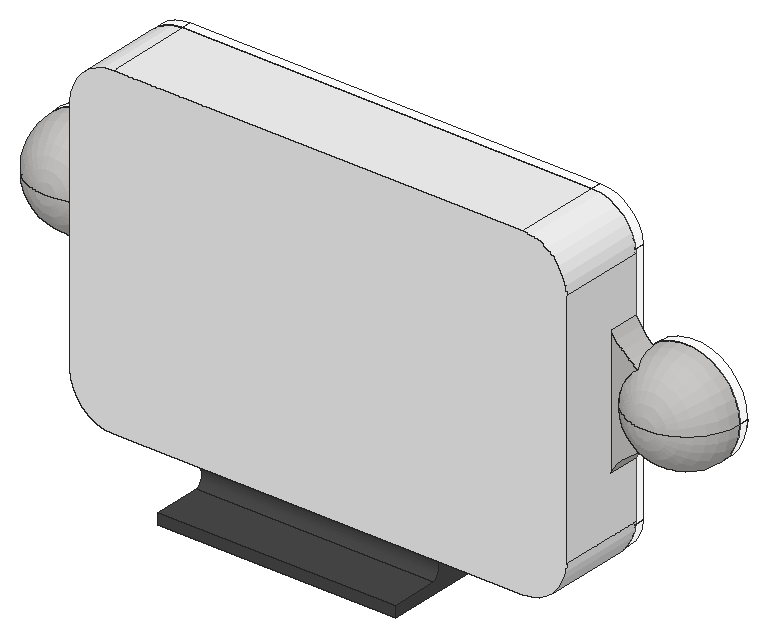
Revit family "CC", category Lighting Fixtures, host Face, Revit 2014
Parameters (values of type "CCG")
  zz Length 1 [instance] = if(Single Face, 0.200", 0.250")  # 0.200"
  Watts = 3.72 W
  Wattage Comments = "3.72 W"
  Warranty = "2 year full unit warranty"  # constant formula
  Wall Plate Material = Hubbell - Black
  Voltage [instance] = if(Is 120VAC, 120 V, 277 V)  # 120 V
  URL = "https://www.hubbell.com/compassproducts/en/"
  Type Comments = "Exit Light"  # constant formula
  Single Face = yes
  Product Page URL = "https://www.hubbell.com/compassproducts/en/Products/Lighting-Controls/Emergency-Exit-Lighting/Exit-Message-Signs/CC/p/208907"
  Product Documentation Link = "https://hubbellcdn.com/specsheet/CC%20Spec.pdf"
  Model = "CCG"
  Manufacturer = "Compass Lighting"  # constant formula
  Load Classification = Lighting
  Lens = Hubbell - Green Glass
  Lamp = "LED Lamp"  # constant formula
  Is 277VAC [instance] = not(Is 120VAC)  # no
  Is 120VAC [instance] = yes
  Holder Material = Hubbell - Steel
  Glass = Hubbell - light Glass
  Finish = Hubbell - White
  Features = "• LED life-cycle exceeding 10 years\r\n• Red or Green field selectable exits in AC only or emergency\r\n• AC or Emergency models\r\n• Dual-voltage 120 or 277V AC input\r\n• Remote capacity or extended runtime option\r\n• Damp Location Listed 20°C to 30°C (68°F to 86°F)\r\n• Provided with test switch and AC-On indicator\r\n• Remote Capacity (RC) models have a minimum runtime of 120 minutes\r\nwhen no remotes are installed"  # constant formula
  Double Face = no
  Description = "The CC Series LED combination exit/emergency light utilizes energy efficient LEDs and features fully adjustable LED lamp-heads and bright EXIT panel illumination, long-life Nickel Cadmium battery and optional remote capacity."  # constant formula
  Default Elevation = 48.000"
  Certification = "• UL924 Listed for Damp Location\r\n• NFPA 101 and NFPA 70\r\n• OSHA\r\n• CEC T20 Compliant"  # constant formula
  Apparent Load = Watts  # 3.72 VA
Types (4): name | Model | Lens | Holder Material | Finish
  CCR | "CCR" | Hubbell - Red Glass | Hubbell - Steel | Hubbell - White
  CCRB | "CCRB" | Hubbell - Red Glass | Hubbell - Black | Hubbell - Black
  CCG | "CCG" | Hubbell - Green Glass | Hubbell - Steel | Hubbell - White
  CCGB | "CCGB" | Hubbell - Green Glass | Hubbell - Black | Hubbell - Black
Reference planes (in)
  plane 1 "Center (Front/Back)": y = 0
  plane 2: z = 0
  plane 3 "Center (Left/Right)": x = 0
  plane 4: x = -5.75
  plane 5: x = 5.75
  plane 6: x = 2.75
  plane 7: x = -2.75
  plane 8: z = 8.2
  plane 9: y = -1.25
  plane 10: y = 1.25
  plane 11: y = -2.2
  plane 12: y = 2.2
Forms (in)
  Extrusion 1, solid, material "Hubbell - Black" <- "Wall Plate Material"
    sketch origin (0, 0, 0) x (0, -1, 0) y (0, 0, 1)
      loop
        line (2.20258, 0) -> (2.20258, 0.24288) -> (1.0795, 0.24288)
        arc (1.0795, 0.24288) -> (0.94157, 0.42301) -> (0.97906, 0.64676) r 0.28476
        line (0.97906, 0.64676) -> (-0.97906, 0.64676)
        arc (-0.97906, 0.64676) -> (-0.94157, 0.42301) -> (-1.0795, 0.24288) r 0.28476
        line (-1.0795, 0.24288) -> (-2.20258, 0.24288) -> (-2.20258, 0) -> (2.20258, 0)
    from -2.75 to 2.75
  Extrusion 2, solid, material "Hubbell - White" <- "Finish"
    sketch origin (0, 0, 0) x (-1, 0, 0) y (0, 0, 1)
      loop
        arc (-4.75, 8.2) -> (-5.45711, 7.90711) -> (-5.75, 7.2) r 1
        line (-5.75, 7.2) -> (-5.75, 1.64676)
        arc (-5.75, 1.64676) -> (-5.45711, 0.93965) -> (-4.75, 0.64676) r 1
        line (-4.75, 0.64676) -> (4.75, 0.64676)
        arc (4.75, 0.64676) -> (5.45711, 0.93965) -> (5.75, 1.64676) r 1
        line (5.75, 1.64676) -> (5.75, 7.2)
        arc (5.75, 7.2) -> (5.45711, 7.90711) -> (4.75, 8.2) r 1
        line (4.75, 8.2) -> (-4.75, 8.2)
    from -1 to 1
  Extrusion 3, solid, material "Hubbell - Green Glass" <- "Lens", visible <- "Single Face"
    sketch origin (0, 0, 1.25) x (-1, 0, 0) y (0, 0, 1)
      loop
        line (-4.38814, 3.88778) -> (-5.2073, 3.3142) -> (-4.38814, 2.74063) -> (-4.24475, 2.94542) -> (-4.77143, 3.3142) -> (-4.24475, 3.68299) -> (-4.38814, 3.88778)
      loop
        line (4.88814, 3.88778) -> (4.74475, 3.68299) -> (5.27143, 3.3142) -> (4.74475, 2.94542) -> (4.88814, 2.74063) -> (5.7073, 3.3142) -> (4.88814, 3.88778)
      loop
        line (2.43416, 6.45678) -> (2.43416, 5.97564) -> (3.5716, 5.97564) -> (3.5716, 3.97225) -> (2.43416, 3.97225) -> (2.43416, 3.36683) -> (3.55274, 3.3823) -> (3.55274, 1.3823) -> (2.30274, 1.3823) -> (2.30274, 0.8823) -> (4.05274, 0.8823) -> (4.05274, 6.45678) -> (2.43416, 6.45678)
      loop
        line (1.58093, 6.45573) -> (0.95036, 6.45573) -> (0.67318, 5.69418) -> (0.396, 6.45573) -> (-0.23457, 6.45573) -> (0.40867, 3.66954) -> (-0.23457, 0.88335) -> (0.396, 0.88335) -> (0.67318, 1.64489) -> (0.95036, 0.88335) -> (1.53078, 0.88335) -> (0.91261, 3.56092) -> (1.58093, 6.45573)
      loop
        line (-1.71319, 6.47228) -> (-1.71319, 0.88335) -> (-1.04357, 0.88335) -> (-1.04357, 6.47228) -> (-1.71319, 6.47228)
      loop
        line (-2.38057, 0.88335) -> (-2.38057, 1.61488) -> (-3.06538, 1.61488) -> (-3.06538, 6.47228) -> (-3.735, 6.47228) -> (-3.735, 1.61488) -> (-4.39234, 1.61488) -> (-4.39234, 0.88335) -> (-2.38057, 0.88335)
    from 1 to 1.25
  Extrusion 4, solid, material "Hubbell - light Glass" <- "Glass", visible <- "Single Face"
    sketch origin (0, 0, 0) x (-1, 0, 0) y (0, 0, 1)
      loop
        arc (-4.75, 8.2) -> (-5.42638, 7.93656) -> (-5.74638, 7.28503) r 1
        line (-5.74638, 7.28503) -> (-5.74638, 1.56173)
        arc (-5.74638, 1.56173) -> (-5.42638, 0.9102) -> (-4.75, 0.64676) r 1
        line (-4.75, 0.64676) -> (4.75, 0.64676)
        arc (4.75, 0.64676) -> (5.42638, 0.9102) -> (5.74638, 1.56173) r 1
        line (5.74638, 1.56173) -> (5.74638, 7.28503)
        arc (5.74638, 7.28503) -> (5.42638, 7.93656) -> (4.75, 8.2) r 1
        line (4.75, 8.2) -> (-4.75, 8.2)
    from 1 to 1.25
  Extrusion 5, solid, material "Hubbell - Green Glass" <- "Lens", visible <- "Double Face"
    sketch origin (0, 0, 8.60458) x (1, 0, 0) y (0, 0, 1)
      loop
        line (-4.45064, -4.57528) -> (-4.30725, -4.37049) -> (-4.83393, -4.0017) -> (-4.30725, -3.63292) -> (-4.45064, -3.42813) -> (-5.2698, -4.0017) -> (-4.45064, -4.57528)
      loop
        line (4.82564, -4.57528) -> (5.6448, -4.0017) -> (4.82564, -3.42813) -> (4.68225, -3.63292) -> (5.20893, -4.0017) -> (4.68225, -4.37049) -> (4.82564, -4.57528)
      loop
        line (2.43416, -6.64428) -> (4.05274, -6.64428) -> (4.05274, -1.0698) -> (2.30274, -1.0698) -> (2.30274, -1.5698) -> (3.55274, -1.5698) -> (3.55274, -3.5698) -> (2.43416, -3.55433) -> (2.43416, -4.15975) -> (3.5716, -4.15975) -> (3.5716, -6.16314) -> (2.43416, -6.16314) -> (2.43416, -6.64428)
      loop
        line (1.58093, -6.64323) -> (0.91261, -3.74842) -> (1.53078, -1.07085) -> (0.95036, -1.07085) -> (0.67318, -1.83239) -> (0.396, -1.07085) -> (-0.23457, -1.07085) -> (0.40867, -3.85704) -> (-0.23457, -6.64323) -> (0.396, -6.64323) -> (0.67318, -5.88168) -> (0.95036, -6.64323) -> (1.58093, -6.64323)
      loop
        line (-1.71319, -6.65978) -> (-1.04357, -6.65978) -> (-1.04357, -1.17085) -> (-1.71319, -1.17085) -> (-1.71319, -6.65978)
      loop
        line (-4.39234, -6.65978) -> (-2.38057, -6.65978) -> (-2.38057, -5.92825) -> (-3.10041, -5.92825) -> (-3.10041, -1.17085) -> (-3.77003, -1.17085) -> (-3.77003, -5.92825) -> (-4.39234, -5.92825) -> (-4.39234, -6.65978)
    from 1 to 1.25
  Extrusion 6, solid, material "Hubbell - light Glass" <- "Glass", visible <- "Double Face"
    sketch origin (0, 0, 0) x (-1, 0, 0) y (0, 0, -1)
      loop
        line (-4.75, -8.2) -> (4.75, -8.2)
        arc (4.75, -8.2) -> (5.42638, -7.93656) -> (5.74638, -7.28503) r 1
        line (5.74638, -7.28503) -> (5.74638, -1.56173)
        arc (5.74638, -1.56173) -> (5.42638, -0.9102) -> (4.75, -0.64676) r 1
        line (4.75, -0.64676) -> (-4.75, -0.64676)
        arc (-4.75, -0.64676) -> (-5.42638, -0.9102) -> (-5.74638, -1.56173) r 1
        line (-5.74638, -1.56173) -> (-5.74638, -7.28503)
        arc (-5.74638, -7.28503) -> (-5.42638, -7.93656) -> (-4.75, -8.2) r 1
    from 1 to 1.25
  Extrusion 7, solid, material "Hubbell - light Glass" <- "Glass"
    sketch origin (0, 0, 0) x (-1, 0, 0) y (0, 0, 1)
      loop
        circle (6.9375, 4.5) r 1.2302
      loop
        circle (-6.9375, 4.5) r 1.2302
    from 1 to 1.25
  Revolve 8, solid, material "Hubbell - Steel" <- "Holder Material"
    sketch origin (0, 0, 4.5) x (1, 0, 0) y (0, 1, 0)
      loop
        line (-5.7073, 1) -> (-6.9375, 1) -> (-6.9375, -0.2302)
        arc (-6.9375, -0.2302) -> (-6.06761, 0.13011) -> (-5.7073, 1) r 1.2302
      axis (-6.9375, 1) -> (-6.9375, -0.2302)
    angle from 0 to 360
  Extrusion 9, solid, material "Hubbell - Steel" <- "Holder Material"
    sketch origin (0, 0, 0) x (-1, 0, 0) y (0, 0, 1)
      loop
        arc (-6.37555, 5.31727) -> (-6.05139, 4.95699) -> (-5.93421, 4.48673) r 1.00214
        arc (-5.93421, 4.48673) -> (-6.04477, 3.98007) -> (-6.39356, 3.5963) r 1.00323
        arc (-6.39356, 3.5963) -> (-6.01929, 3.33465) -> (-5.75054, 2.96544) r 1.38394
        line (-5.75054, 2.96544) -> (-5.75054, 5.94066)
        arc (-5.75054, 5.94066) -> (-6.01209, 5.57787) -> (-6.37555, 5.31727) r 1.38592
      loop
        arc (6.37555, 5.31727) -> (6.01209, 5.57787) -> (5.75054, 5.94066) r 1.38592
        line (5.75054, 5.94066) -> (5.75054, 2.96544)
        arc (5.75054, 2.96544) -> (6.01929, 3.33465) -> (6.39356, 3.5963) r 1.38394
        arc (6.39356, 3.5963) -> (6.04477, 3.98007) -> (5.93421, 4.48673) r 1.00323
        arc (5.93421, 4.48673) -> (6.05139, 4.95699) -> (6.37555, 5.31727) r 1.00214
    from 0.29948 to 1
  Revolve 10, solid, material "Hubbell - Steel" <- "Holder Material"
    sketch origin (0, 0, 4.5) x (-1, 0, 0) y (0, -1, 0)
      loop
        arc (-5.7073, -1) -> (-6.06761, -0.13011) -> (-6.9375, 0.2302) r 1.2302
        line (-6.9375, 0.2302) -> (-6.9375, -1) -> (-5.7073, -1)
      axis (-6.9375, -1) -> (-6.9375, 0.2302)
    angle from 0 to 360
Dimensions and locks (in)
  plane 4 to plane 3 "Center (Left/Right)" = 5.750"
  equal spacing: plane 4, plane 3 "Center (Left/Right)", plane 5
  equal spacing: plane 7, plane 3 "Center (Left/Right)", plane 6
  plane 3 "Center (Left/Right)" to plane 6 = 2.750"
  plane 6 to plane 7 = 5.500"
  plane 5 to plane 4 = 11.500"
  plane 8 to plane 2 = 8.200"
  aligned and locked: plane 2 to host face
  aligned and locked: level to host face
  aligned and locked: Extrusion 1 to plane 6
  aligned and locked: plane 7 to Extrusion 1
Automatic sketch dimensions
  host sketch curve to host sketch curve = 96.000"  (x2)
  Extrusion 1 sketch curve to level = 0.000"
  Extrusion 1 sketch curve to plane 12 = 0.00258"
  plane 10 to Extrusion 1 sketch curve = 0.03208"
  plane 10 to Extrusion 1 sketch curve = 0.1705"
  plane 10 to Extrusion 1 sketch curve = 0.27094"
  Extrusion 1 sketch curve to plane 9 = 0.27094"
  Extrusion 1 sketch curve to plane 9 = 0.1705"
  Extrusion 1 sketch curve to plane 9 = 0.03208"
  plane 11 to Extrusion 1 sketch curve = 0.00258"
  Extrusion 1 sketch curve to Extrusion 1 sketch curve = 0.24288"
  level to Extrusion 1 sketch curve = 0.24288"
  Extrusion 1 sketch curve to Extrusion 1 sketch curve = 0.24885"
  Extrusion 2 sketch curve to plane 5 = 0.000"
  Extrusion 2 sketch curve to plane 8 = 0.000"
  Extrusion 2 sketch curve to plane 4 = 0.000"
  level to Extrusion 2 sketch curve = 0.64676"
  Extrusion 2 sketch curve to plane 5 = 1.000"  (x2)
  plane 4 to Extrusion 2 sketch curve = 1.000"  (x2)
  Extrusion 3 sketch curve to plane 5 = 0.5427"
  Extrusion 3 sketch curve to Extrusion 3 sketch curve = 0.43586"
  Extrusion 3 sketch curve to plane 5 = 1.35766"
  Extrusion 3 sketch curve to Extrusion 3 sketch curve = 0.38329"  (x2)
  Extrusion 3 sketch curve to Extrusion 3 sketch curve = 0.14339"  (x4)
  Extrusion 3 sketch curve to plane 8 = 0.47772"  (x2)
  plane 6 to Extrusion 3 sketch curve = 0.985"
  plane 6 to Extrusion 3 sketch curve = 0.31538"
  Extrusion 3 sketch curve to plane 6 = 0.36943"
  Extrusion 3 sketch curve to Extrusion 3 sketch curve = 0.66738"
  Extrusion 3 sketch curve to Extrusion 3 sketch curve = 0.66962"
  plane 3 "Center (Left/Right)" to Extrusion 3 sketch curve = 0.23457"  (x2)
  Extrusion 3 sketch curve to plane 3 "Center (Left/Right)" = 0.396"  (x2)
  Extrusion 3 sketch curve to plane 3 "Center (Left/Right)" = 0.40867"
  Extrusion 3 sketch curve to plane 3 "Center (Left/Right)" = 0.67318"  (x2)
  Extrusion 3 sketch curve to Extrusion 3 sketch curve = 0.50394"
  Extrusion 3 sketch curve to Extrusion 3 sketch curve = 0.55436"  (x2)
  Extrusion 3 sketch curve to Extrusion 3 sketch curve = 0.58042"
  Extrusion 3 sketch curve to Extrusion 3 sketch curve = 0.63057"
  plane 7 to Extrusion 3 sketch curve = 0.44726"
  plane 7 to Extrusion 3 sketch curve = 0.31584"  (x2)
  Extrusion 3 sketch curve to plane 7 = 0.80274"
  Extrusion 3 sketch curve to Extrusion 3 sketch curve = 0.01886"
  Extrusion 3 sketch curve to Extrusion 3 sketch curve = 0.48114"  (x2)
  plane 4 to Extrusion 3 sketch curve = 1.00525"
  Extrusion 3 sketch curve to Extrusion 3 sketch curve = 0.000"  (x3)
  plane 4 to Extrusion 3 sketch curve = 0.47857"
  plane 4 to Extrusion 3 sketch curve = 0.0427"
  Extrusion 3 sketch curve to plane 8 = 0.49322"
  Extrusion 3 sketch curve to plane 8 = 0.49427"  (x2)
  Extrusion 3 sketch curve to Extrusion 3 sketch curve = 0.76154"
  Extrusion 3 sketch curve to Extrusion 3 sketch curve = 2.00339"
  Extrusion 3 sketch curve to Extrusion 3 sketch curve = 0.08447"
  Extrusion 3 sketch curve to Extrusion 3 sketch curve = 2.5845"
  Extrusion 3 sketch curve to Extrusion 3 sketch curve = 0.20479"  (x2)
  Extrusion 3 sketch curve to Extrusion 3 sketch curve = 2.02465"
  Extrusion 3 sketch curve to Extrusion 3 sketch curve = 0.10862"
  Extrusion 3 sketch curve to Extrusion 3 sketch curve = 0.58995"
  Extrusion 3 sketch curve to Extrusion 3 sketch curve = 0.60542"
  Extrusion 3 sketch curve to Extrusion 3 sketch curve = 1.91603"
  Extrusion 3 sketch curve to Extrusion 3 sketch curve = 1.12575"
  Extrusion 3 sketch curve to Extrusion 3 sketch curve = 0.2626"
  Extrusion 3 sketch curve to Extrusion 3 sketch curve = 0.73153"  (x2)
  Extrusion 3 sketch curve to Extrusion 3 sketch curve = 0.49894"
  Extrusion 3 sketch curve to Extrusion 3 sketch curve = 0.500"
  Extrusion 4 sketch curve to plane 8 = 0.000"
  Extrusion 4 sketch curve to plane 5 = 0.00362"
  Extrusion 4 sketch curve to plane 5 = 1.000"  (x2)
  level to Extrusion 4 sketch curve = 0.64676"
  plane 4 to Extrusion 4 sketch curve = 1.000"  (x2)
  plane 4 to Extrusion 4 sketch curve = 0.00362"
  Extrusion 4 sketch curve to Extrusion 4 sketch curve = 0.91497"  (x2)
  Extrusion 4 sketch curve to Extrusion 4 sketch curve = 1.000"  (x2)
  plane 4 to Extrusion 5 sketch curve = 0.4802"
  Extrusion 5 sketch curve to Extrusion 5 sketch curve = 0.43586"
  Extrusion 5 sketch curve to Extrusion 5 sketch curve = 0.38329"  (x2)
  plane 4 to Extrusion 5 sketch curve = 1.35766"
  Extrusion 5 sketch curve to Extrusion 5 sketch curve = 0.14339"  (x4)
  Extrusion 5 sketch curve to plane 7 = 1.02003"
  Extrusion 5 sketch curve to plane 7 = 0.35041"
  plane 7 to Extrusion 5 sketch curve = 0.36943"
  Extrusion 5 sketch curve to Extrusion 5 sketch curve = 0.66738"
  Extrusion 5 sketch curve to Extrusion 5 sketch curve = 0.66962"
  Extrusion 5 sketch curve to plane 3 "Center (Left/Right)" = 0.23457"  (x2)
  plane 3 "Center (Left/Right)" to Extrusion 5 sketch curve = 0.396"  (x2)
  plane 3 "Center (Left/Right)" to Extrusion 5 sketch curve = 0.40867"
  plane 3 "Center (Left/Right)" to Extrusion 5 sketch curve = 0.67318"  (x2)
  Extrusion 5 sketch curve to Extrusion 5 sketch curve = 0.50394"
  Extrusion 5 sketch curve to Extrusion 5 sketch curve = 0.55436"  (x2)
  Extrusion 5 sketch curve to Extrusion 5 sketch curve = 0.58042"
  Extrusion 5 sketch curve to Extrusion 5 sketch curve = 0.63057"
  Extrusion 5 sketch curve to plane 6 = 0.44726"
  Extrusion 5 sketch curve to plane 6 = 0.31584"  (x2)
  plane 6 to Extrusion 5 sketch curve = 0.80274"
  Extrusion 5 sketch curve to Extrusion 5 sketch curve = 0.01886"
  Extrusion 5 sketch curve to Extrusion 5 sketch curve = 0.48114"  (x2)
  Extrusion 5 sketch curve to plane 5 = 1.06775"
  Extrusion 5 sketch curve to Extrusion 5 sketch curve = 0.000"  (x3)
  Extrusion 5 sketch curve to plane 5 = 0.54107"
  Extrusion 5 sketch curve to plane 5 = 0.1052"
  level to Extrusion 5 sketch curve = 1.9448"
  level to Extrusion 5 sketch curve = 1.9603"
  Extrusion 5 sketch curve to Extrusion 5 sketch curve = 0.01655"
  Extrusion 5 sketch curve to Extrusion 5 sketch curve = 0.00106"
  Extrusion 5 sketch curve to Extrusion 5 sketch curve = 0.73153"
  Extrusion 5 sketch curve to Extrusion 5 sketch curve = 0.76154"
  Extrusion 5 sketch curve to Extrusion 5 sketch curve = 1.58786"
  Extrusion 5 sketch curve to Extrusion 5 sketch curve = 1.35297"
  Extrusion 5 sketch curve to Extrusion 5 sketch curve = 0.20479"  (x2)
  Extrusion 5 sketch curve to Extrusion 5 sketch curve = 0.21074"
  Extrusion 5 sketch curve to Extrusion 5 sketch curve = 2.02465"
  Extrusion 5 sketch curve to Extrusion 5 sketch curve = 0.10862"
  Extrusion 5 sketch curve to Extrusion 5 sketch curve = 0.58995"
  Extrusion 5 sketch curve to Extrusion 5 sketch curve = 0.60542"
  Extrusion 5 sketch curve to plane 8 = 1.42782"
  Extrusion 5 sketch curve to plane 8 = 1.16522"
  Extrusion 5 sketch curve to plane 8 = 0.76628"  (x2)
  Extrusion 5 sketch curve to plane 8 = 0.66628"  (x2)
  Extrusion 5 sketch curve to plane 8 = 0.66522"
  Extrusion 6 sketch curve to plane 8 = 0.000"
  Extrusion 6 sketch curve to plane 5 = 0.00362"
  Extrusion 6 sketch curve to plane 5 = 1.000"  (x2)
  level to Extrusion 6 sketch curve = 0.64676"
  plane 4 to Extrusion 6 sketch curve = 1.000"  (x2)
  plane 4 to Extrusion 6 sketch curve = 0.00362"
  Extrusion 6 sketch curve to plane 8 = 0.91497"  (x2)
  Extrusion 6 sketch curve to Extrusion 6 sketch curve = 1.000"  (x2)
  Extrusion 7 sketch curve to Extrusion 7 sketch curve = 0.000"  (x4)
  plane 5 to Extrusion 7 sketch curve = 1.1875"
  Extrusion 7 sketch curve to plane 4 = 1.1875"
  Extrusion 7 sketch curve to plane 8 = 3.700"  (x2)
  Extrusion 7 sketch curve to Extrusion 7 sketch curve = 1.2302"
  plane 4 to Extrusion 7 sketch curve = 0.0427"
  plane 10 to Revolve 8 sketch curve = 0.000"
  plane 10 to Revolve 8 sketch curve = 0.250"
  Revolve 8 sketch curve to plane 4 = 1.1875"  (x2)
  Revolve 8 sketch curve to Revolve 8 sketch curve = 0.000"
  plane 4 to Revolve 8 sketch curve = 0.0427"
  plane 9 to Revolve 8 sketch curve = 0.250"
  plane 5 to Extrusion 9 sketch curve = 1.24081"
  plane 5 to Extrusion 9 sketch curve = 1.23849"
  plane 5 to Extrusion 9 sketch curve = 1.18634"
  Extrusion 9 sketch curve to Extrusion 9 sketch curve = 0.000"  (x2)
  plane 5 to Extrusion 9 sketch curve = 0.00054"
  Extrusion 9 sketch curve to plane 4 = 0.00054"
  Extrusion 9 sketch curve to plane 4 = 1.18634"
  Extrusion 9 sketch curve to plane 4 = 1.23849"
  Extrusion 9 sketch curve to plane 4 = 1.24081"
  level to Extrusion 9 sketch curve = 2.34677"  (x2)
  Extrusion 9 sketch curve to Extrusion 9 sketch curve = 0.61868"  (x2)
  Extrusion 9 sketch curve to Extrusion 9 sketch curve = 1.47457"  (x2)
  Extrusion 9 sketch curve to Extrusion 9 sketch curve = 0.04672"  (x2)
  Extrusion 9 sketch curve to Extrusion 9 sketch curve = 1.45393"  (x2)
  Extrusion 9 sketch curve to Extrusion 9 sketch curve = 0.61847"  (x2)
  plane 5 to Extrusion 9 sketch curve = 0.64356"
  Extrusion 9 sketch curve to plane 4 = 0.18421"
  plane 10 to Revolve 10 sketch curve = 0.000"
  plane 10 to Revolve 10 sketch curve = 0.250"
  plane 5 to Revolve 10 sketch curve = 1.1875"  (x2)
  Revolve 10 sketch curve to Revolve 10 sketch curve = 0.000"
  Revolve 10 sketch curve to plane 5 = 0.0427"
  plane 9 to Revolve 10 sketch curve = 0.250"
Nested families (in)
  nested 1: "Family1" at (6.89611, 1.20258, -49.25), type "Family1"
  nested 2: "Family1" at (-7.66516, 1.20258, -49.25), type "Family1"
Connectors (in)
  electrical at (0, 0, 0), driven by "Voltage", driven by "Apparent Load"
    settings: on Extrusion 1, index 1, voltage 120 V, apparent load 3.72 VA, apparent load phase1 0 VA, apparent load phase2 0 VA, apparent load phase3 0 VA, power factor 1, load classification "Other", number of poles 1, system type 30, power factor state 1, is connector primary yes, connector utility no, sub classification motor no, connector description "Lighting Connector"
Definition of nested family "Family1"
  Parameters (values of type "Family1")
    Wattage = 12.1178 W
    built-in parameter 1150110 = 1 (stored number, unit not read)
    built-in parameter 1114217 = 1 (stored number, unit not read)
    Tilt Angle = 0.00°
    built-in parameter 1150109 = 1 (stored number, unit not read)
    built-in parameter 1150134 = (empty or 0)
    built-in parameter 1150113 = 1 (stored number, unit not read)
    Photometric Web File = "compass_led.ies"
    Lumens = 1800 lm
    built-in parameter 1150115 = 1 (stored number, unit not read)
    built-in parameter 1150105 = -190950 (stored number, unit not read)
    built-in parameter 1150137 = (empty or 0)
    built-in parameter 1150139 = (empty or 0)
    built-in parameter 1150112 = 1 (stored number, unit not read)
    built-in parameter 1150114 = 1 (stored number, unit not read)
    built-in parameter 1150132 = 2
    built-in parameter 1150102 = (empty or 0)
    built-in parameter 1150138 = (empty or 0)
    built-in parameter 1150107 = 3000 (stored number, unit not read)
    built-in parameter 1150106 = -1909.5 (stored number, unit not read)
    built-in parameter 1150104 = 13.8 (stored number, unit not read)
    Dimming Lamp Color Temperature Shift = (empty or 0)
    Color Filter = 16777215
    built-in parameter 1114218 = 1 (stored number, unit not read)
    built-in parameter 1150133 = 10 (stored number, unit not read)
  Reference planes (in)
    plane 1 "Light Source Axis (F/B)": y = 0
    plane 2: z = 0
    plane 3 "Light Source Axis (L/R)": x = 0
    plane 4 "Light Source Elevation": z = 54
  Dimensions and locks (in)
    aligned and locked: plane 3 "Light Source Axis (L/R)" to imposter light
    aligned and locked: plane 1 "Light Source Axis (F/B)" to imposter light
    aligned and locked: plane 4 "Light Source Elevation" to imposter light
    aligned and locked: level to plane 2
